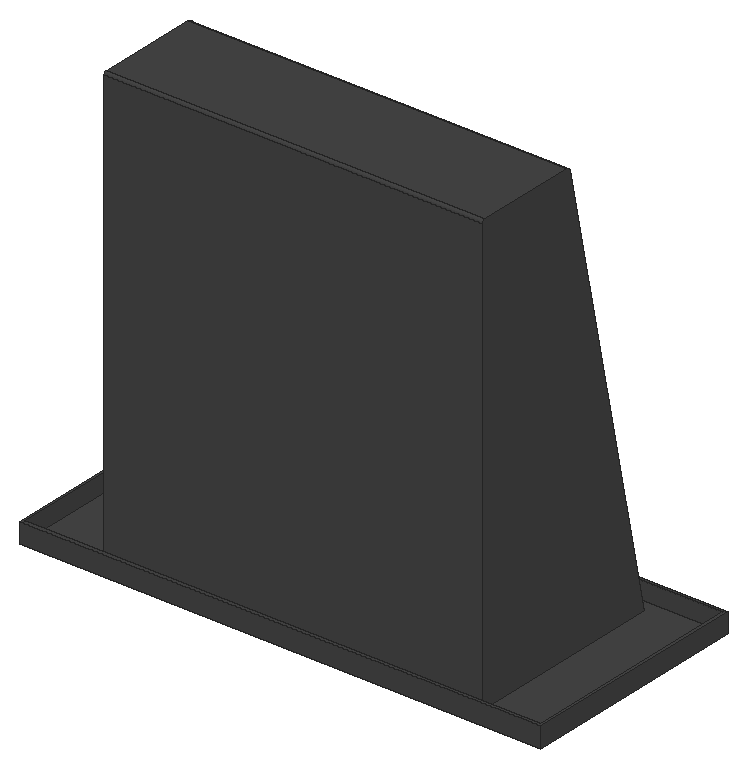
Revit family "NBS_DudleyIndustriesLimited_HndDryrs_ModuloSlimlineBehindTheMirrorHandHygieneSystemHandDryer", category Specialty Equipment, Revit 2019
Family settings
  Round Connector Dimension = Use Diameter
  Part Type = Normal
  Work Plane-Based = No
  Always vertical = Yes
  Cut with Voids When Loaded = No
  Shared = No
  Room Calculation Point = No
Parameters
  Weight = "6.5 kg"
  WarrantyStartDate [instance] = "1900-12-31T23:59:59"
  WarrantyGuarantorParts = "n/a"
  WarrantyGuarantorLabor = "n/a"
  WarrantyDurationUnit = "year"
  WarrantyDurationParts = "Three year"
  WarrantyDurationLabor = "n/a"
  WarrantyDescription = "Three year"
  Version = "1"  # constant formula
  Velocity = "28 m/s"
  Uniclass2015Version = "Products v1.22"
  Uniclass2015Title = "Hand dryers"
  Uniclass2015Code = "Pr_40_70_62_37"
  Timer = "n/a"
  ThirdPartyAccreditation = "CE marked"
  TagNumber [instance] = "n/a"
  SustainabilityPerformance = "n/a"
  Standards = "n/a"
  Size = "388 x 328 x 173 mm"
  Shape = "Rectangle"
  SerialNumber [instance] = "n/a"
  Sensors = "100 mm range"
  ReplacementCost = "n/a"
  RecycledContent = "n/a"
  Recyclability = "n/a"
  ProductInformation = "n/a"
  Operation = "Automatic"
  NominalWidth = 388 mm
  NominalLength = 0 mm
  NominalHeight = 328 mm
  NoiseLevelAt1MMaximum = "71 dB(A)"
  Name = "HandDryers_ModuloSlimlineBehindTheMirrorHandHygieneSystem, HandDryer_DudleyIndustriesLimited"
  NBSCertification = "www.nationalbimlibrary.com/cert/d02wqjjd"
  ModelReference = "ModuloSlimlineBehindTheMirrorHandHygieneSystem, HandDryer"
  ModelNumber = "n/a"
  Material = "Stainless steel"
  ManufacturerURL = "www.dudleyindustries.com"
  ManufacturerName = "Dudley Industries Limited"  # constant formula
  Manufacturer = "sales@dudleyindustries.com"
  InstallationDate [instance] = "1900-12-31T23:59:59"
  IfcExportType = "HANDDRYER"  # constant formula
  IfcExportAs = "IfcElectricApplianceType"  # constant formula
  HandDryerWidth = 388 mm  # constant formula
  HandDryerMaterial = NBS_DudleyIndustriesLimited_StainlessSteel_MatteBlackPowderCoated
  HandDryerHeight = 328 mm  # constant formula
  HandDryerDepth = 173.4 mm  # constant formula
  Grade = "n/a"
  Form = "Warm air"
  Finish = "Powder-coated"
  Features = "Hands only"
  ExpectedLife = "n/a"
  EmbodiedCarbon = "n/a"
  ElectricalSupplyRatedOperationalVoltageUe = "230 V a.c"
  ElectricalSupplyPowerRating = "1.7 kW"
  ElectricalSupplyFrequency = "50/60 Hz"
  DurationUnit = "year"
  Description = "Hand dryer"
  CountryOfProductManufacture = "n/a"
  CountryOfMaterialOrigin = "n/a"
  ContainsRedListMaterials = "n/a"
  Constituents = "n/a"
  Color = "Black"
  CodePerformance = "n/a"
  Category = "Pr_40_70_62_37:Hand dryers"
  BodyMaterial = "Stainless steel"
  BodyIngressProtectionMinimum = "n/a"
  BodyFinish = "Powder coated"
  BodyDimensions = "388 x 328 x 173 mm"
  BodyColour = "Matte black"
  BlankingPlates = "Not required.,Required"
  BarCode [instance] = "n/a"
  BIMObjectName = "NBS_DudleyIndustriesLimited_HandDryers_ModuloSlimlineBehindTheMirrorHandHygieneSystemHandDryer"
  Author = "NBS"  # constant formula
  AssetType = "Fixed"
  AssetIdentifier [instance] = "n/a"
  Accessories = "Not required.,92405BK, Modulo Slimline Base Shelf, 600 mm.,92404BK,  Modulo Slimline Base Shelf, 1200 mm"
  AccessibilityPerformance = "n/a"
Reference planes
  plane 1 "Center (Front/Back)": y = 0
  plane 2 "Bottom": z = 0
  plane 3 "Center (Left/Right)": x = 0
  plane 4 "Back": y = 86.7
  plane 5 "Front": y = -86.7
  plane 6 "Left": x = -194
  plane 7 "Right": x = 194
  plane 8: y = -84.8
  plane 9: x = 192.1
  plane 10: y = 84.8
  plane 11: x = -192.1
  plane 12: z = 15
  plane 13: z = 1.9
  plane 14: x = -140.9
  plane 15: x = 140.9
  plane 16 "Top": z = 328
  plane 17: y = -74.664
  plane 18: y = 72.541
  plane 19: x = -30
  plane 20: x = 30
  plane 21: y = 15
  plane 22: y = -15
  plane 23: z = 25
  plane 24: z = -5
Forms (mm)
  Extrusion 1, solid, material "NBS_DudleyIndustriesLimited_StainlessSteel_MatteBlackPowderCoated" <- "HandDryerMaterial", detail levels medium+fine
    sketch origin (0, 0, 0) x (1, 0, 0) y (0, 1, 0)
      loop
        line (-194, 86.7) -> (-194, -86.7) -> (194, -86.7) -> (194, 86.7) -> (-194, 86.7)
      loop
        line (-192.1, 84.8) -> (-192.1, -84.8) -> (192.1, -84.8) -> (192.1, 84.8) -> (-192.1, 84.8)
    from 0 to 15
  Extrusion 2, solid, material "NBS_DudleyIndustriesLimited_StainlessSteel_MatteBlackPowderCoated" <- "HandDryerMaterial", detail levels medium+fine
    sketch origin (0, 0, 0) x (1, 0, 0) y (0, 1, 0)
      loop
        line (-192.1, 84.8) -> (-192.1, -84.8) -> (192.1, -84.8) -> (192.1, 84.8) -> (-192.1, 84.8)
    from 0 to 1.9
  Extrusion 3, solid, material "NBS_DudleyIndustriesLimited_StainlessSteel_MatteBlackPowderCoated" <- "HandDryerMaterial"
    sketch origin (0, 0, 0) x (0, 1, 0) y (0, 0, 1)
      loop
        line (-74.664, 1.9) -> (75.326, 1.9) -> (6.593, 325.265)
        arc (6.593, 325.265) -> (5.388, 327.231) -> (3.216, 328) r 3.452
        line (3.216, 328) -> (-72.664, 328)
        arc (-72.664, 328) -> (-74.078, 327.414) -> (-74.664, 326) r 2
        line (-74.664, 326) -> (-74.664, 1.9)
    from -140.9 to 140.9
  Extrusion 4, void
    sketch origin (0, 0, 0) x (1, 0, 0) y (0, 1, 0)
      loop
        line (-30, 15) -> (-30, -15) -> (30, -15) -> (30, 15) -> (-30, 15)
    from -5 to 25
  Extrusion 5, solid, material "NBS_DudleyIndustriesLimited_StainlessSteel_MatteBlackPowderCoated" <- "HandDryerMaterial", detail levels coarse
    sketch origin (0, 0, 0) x (1, 0, 0) y (0, 1, 0)
      loop
        line (-194, 86.7) -> (-194, -86.7) -> (194, -86.7) -> (194, 86.7) -> (-194, 86.7)
    from 0 to 1.9
Cuts and joins
  Extrusion 4 cuts Extrusion 2
  Extrusion 4 cuts Extrusion 3
Dimensions and locks
  "HandDryerHeight": plane 16 "Top" to plane 2 "Bottom"
  "HandDryerWidth": plane 6 "Left" to plane 7 "Right"
  "HandDryerDepth": plane 5 "Front" to plane 4 "Back"
  radius of Extrusion 3 sketch curve = 2 mm
  radius of Extrusion 3 sketch curve = 3.452 mm
  aligned and locked: level to plane 2 "Bottom"
  aligned and locked: Extrusion 1 sketch curve to plane 6 "Left"
  aligned and locked: plane 4 "Back" to Extrusion 1 sketch curve
  aligned and locked: plane 5 "Front" to Extrusion 1 sketch curve
  aligned and locked: Extrusion 1 sketch curve to plane 7 "Right"
  aligned and locked: plane 9 to Extrusion 1 sketch curve
  aligned and locked: Extrusion 1 sketch curve to plane 8
  aligned and locked: Extrusion 1 sketch curve to plane 11
  aligned and locked: plane 10 to Extrusion 1 sketch curve
  aligned and locked: Extrusion 1 to plane 2 "Bottom"
  aligned and locked: plane 12 to Extrusion 1
  aligned and locked: plane 9 to Extrusion 2 sketch curve
  aligned and locked: Extrusion 2 sketch curve to plane 8
  aligned and locked: plane 10 to Extrusion 2 sketch curve
  aligned and locked: Extrusion 2 sketch curve to plane 11
  aligned and locked: Extrusion 2 to plane 13
  aligned and locked: Extrusion 2 to plane 2 "Bottom"
  aligned and locked: plane 13 to Extrusion 3 sketch curve
  aligned and locked: Extrusion 3 sketch curve to plane 17
  aligned and locked: Extrusion 3 sketch curve to plane 16 "Top"
  aligned and locked: plane 14 to Extrusion 3
  aligned and locked: plane 15 to Extrusion 3
  aligned and locked: plane 19 to Extrusion 4 sketch curve
  aligned and locked: Extrusion 4 sketch curve to plane 20
  aligned and locked: plane 21 to Extrusion 4 sketch curve
  aligned and locked: Extrusion 4 sketch curve to plane 22
  aligned and locked: plane 23 to Extrusion 4
  aligned and locked: Extrusion 4 to plane 24
  aligned and locked: Extrusion 5 sketch curve to plane 7 "Right"
  aligned and locked: plane 5 "Front" to Extrusion 5 sketch curve
  aligned and locked: plane 4 "Back" to Extrusion 5 sketch curve
  aligned and locked: Extrusion 5 sketch curve to plane 6 "Left"
  aligned and locked: Extrusion 5 to plane 2 "Bottom"
  aligned and locked: Extrusion 5 to plane 13
Automatic sketch dimensions
  Extrusion 3 sketch curve to plane 1 "Center (Front/Back)" = 3.216 mm
  plane 16 "Top" to Extrusion 3 sketch curve = 2.735 mm
  Extrusion 3 sketch curve to plane 18 = 2.784 mm
